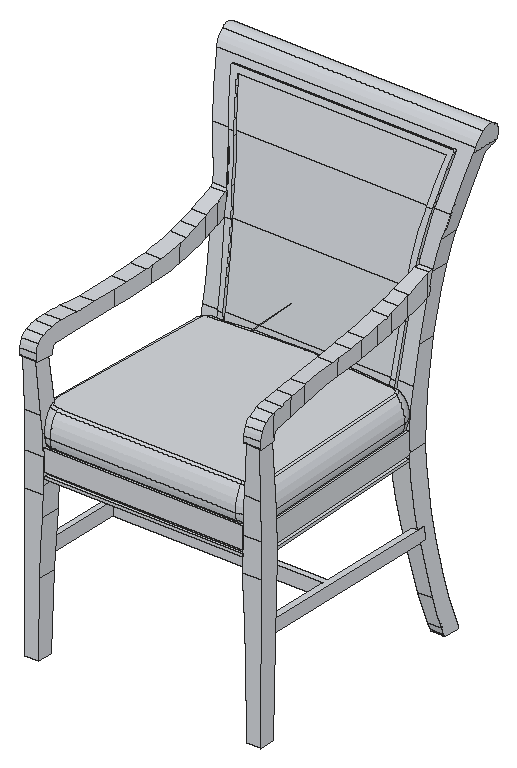
Revit family "LG1067-1", category Generic Models, Revit 2019
Family settings
  Can host rebar = No
  Round Connector Dimension = Use Diameter
  Part Type = Normal
  Work Plane-Based = No
  Always vertical = Yes
  Cut with Voids When Loaded = No
  Shared = No
  Room Calculation Point = No
Parameters
  Seating = none
  Legs = none
  Arms = none
Reference planes
  plane 1 "Center (Front/Back)": y = 0
  plane 2: z = 0
  plane 3 "Center (Left/Right)": x = 0
  plane 4: x = -300.234
  plane 5: x = 300.234
  plane 6: y = -293.644
  plane 7: y = 372.442
  plane 8: x = -317.632
  plane 9: x = 317.632
Forms (mm)
  Extrusion 1, solid, material <- "Arms"
    sketch origin (0.845, 0, 0) x (1, 0, 0) y (0, 0, 1)
      loop
        line (-298.794, 274.724) -> (-298.798, 239.607) -> (-282.098, 239.607) -> (-282.094, 274.724) -> (-298.794, 274.724)
    from -294.056 to 268.716
  Extrusion 2, solid, material <- "Arms"
    sketch origin (-0.845, 0, 0) x (-1, 0, 0) y (0, 0, -1)
      loop
        line (-298.794, -274.724) -> (-282.094, -274.724) -> (-282.098, -239.607) -> (-298.798, -239.607) -> (-298.794, -274.724)
    from -294.056 to 268.716
  Extrusion 3, solid, material <- "Arms"
    sketch origin (-270.474, 265.87, 0) x (0, 1, 0) y (0, 0, -1)
      loop
        line (-298.794, -274.724) -> (-282.094, -274.724) -> (-282.098, -239.607) -> (-298.798, -239.607) -> (-298.794, -274.724)
    from -562.537 to 21.59
  Extrusion 4, solid, material <- "Arms"
    sketch origin (0, 0, 0) x (0, 1, 0) y (0, 0, 1)
      loop
        arc (-248.038, 723.643) -> (-246.796, 724.174) -> (-246.323, 725.439) r 1.717
        arc (-246.323, 725.439) -> (-246.126, 731.206) -> (-245.01, 736.867) r 35.962
        arc (-245.01, 736.867) -> (-241.809, 742.34) -> (-236.349, 745.562) r 12.604
        arc (-236.349, 745.562) -> (-230.475, 746.922) -> (-224.493, 747.672) r 58.731
        arc (-224.493, 747.672) -> (-94.076, 757.096) -> (36.365, 766.18) r 50046.666
        arc (36.365, 766.18) -> (79.294, 769.767) -> (122.093, 774.654) r 1421.041
        arc (122.093, 774.654) -> (160.383, 780.451) -> (198.39, 787.883) r 904.07
        arc (198.39, 787.883) -> (239.992, 798.232) -> (280.917, 810.996) r 732.376
        line (280.917, 810.996) -> (315.687, 822.969)
        arc (315.687, 822.969) -> (319.754, 826.08) -> (321.934, 830.713) r 10.82
        line (321.934, 830.713) -> (331.955, 879.884)
        arc (331.955, 879.884) -> (331.331, 881.875) -> (329.313, 882.406) r 2.157
        arc (329.313, 882.406) -> (319.916, 879.626) -> (310.771, 876.109) r 123.387
        arc (310.771, 876.109) -> (277.854, 862.665) -> (244.449, 850.485) r 933.339
        arc (244.449, 850.485) -> (226.567, 844.485) -> (208.603, 838.732) r 1368.67
        arc (208.603, 838.732) -> (191.505, 833.644) -> (174.272, 829.028) r 647.42
        arc (174.272, 829.028) -> (132.924, 819.989) -> (91.072, 813.67) r 647.42
        arc (91.072, 813.67) -> (67.94, 811.013) -> (44.792, 808.485) r 4173.463
        arc (44.792, 808.485) -> (13.63, 805.597) -> (-17.599, 803.558) r 1151.303
        arc (-17.599, 803.558) -> (-67.41, 800.882) -> (-117.21, 798.002) r 12186.842
        arc (-117.21, 798.002) -> (-144.735, 796.642) -> (-172.283, 795.857) r 1320.293
        arc (-172.283, 795.857) -> (-194.713, 794.998) -> (-217.091, 793.236) r 556.442
        arc (-217.091, 793.236) -> (-231.043, 791.444) -> (-244.866, 788.844) r 242.148
        arc (-244.866, 788.844) -> (-258.889, 784.8) -> (-272.259, 778.949) r 110.903
        arc (-272.259, 778.949) -> (-280.697, 772.802) -> (-286.92, 764.418) r 34.63
        arc (-286.92, 764.418) -> (-291.158, 754.024) -> (-293.244, 742.995) r 56.177
        arc (-293.244, 742.995) -> (-293.596, 734.342) -> (-293.144, 725.694) r 93.428
        arc (-293.144, 725.694) -> (-292.408, 724.232) -> (-290.88, 723.643) r 2.275
        line (-290.88, 723.643) -> (-248.038, 723.643)
    from -229.204 to -338.637
  Extrusion 5, void
    sketch origin (0, 0, 0) x (1, 0, 0) y (0, 1, 0)
      loop
        line (-295.527, 339.45) -> (-356.629, 339.45) -> (-356.629, -300.717) -> (-324.385, -300.717) -> (-320.555, -245.938)
        arc (-320.555, -245.938) -> (-317.59, -212.917) -> (-313.324, -180.039) r 839.78
        arc (-313.324, -180.039) -> (-309.504, -154.011) -> (-305.845, -127.961) r 4284.59
        arc (-305.845, -127.961) -> (-299.27, -64.13) -> (-297.028, 0) r 947.895
        arc (-297.028, 0) -> (-296.459, 39.516) -> (-294.835, 79.002) r 1481.533
        arc (-294.835, 79.002) -> (-293.604, 106.964) -> (-292.958, 134.945) r 1340.184
        arc (-292.958, 134.945) -> (-292.633, 158.538) -> (-292.258, 182.13) r 10884.28
        arc (-292.258, 182.13) -> (-292.049, 209.691) -> (-292.357, 237.252) r 1466.135
        arc (-292.357, 237.252) -> (-292.979, 269.585) -> (-293.51, 301.92) r 11613.175
        arc (-293.51, 301.92) -> (-294.156, 320.705) -> (-295.527, 339.45) r 486.003
      loop
        arc (-258.327, 339.45) -> (-256.853, 329.938) -> (-255.807, 320.37) r 214.596
        arc (-255.807, 320.37) -> (-254.363, 301.143) -> (-253.36, 281.888) r 840.882
        arc (-253.36, 281.888) -> (-252.351, 259.75) -> (-251.123, 237.622) r 2234.888
        arc (-251.123, 237.622) -> (-249.149, 194.169) -> (-248.481, 150.675) r 1448.306
        arc (-248.481, 150.675) -> (-249.175, 105.356) -> (-251.286, 60.08) r 1448.306
        arc (-251.286, 60.08) -> (-255.19, 1.398) -> (-259.582, -57.249) r 7050.349
        arc (-259.582, -57.249) -> (-269.585, -181.046) -> (-280.006, -304.808) r 36724.807
        line (-280.006, -304.808) -> (-216.629, -304.808) -> (-216.629, 339.45) -> (-258.327, 339.45)
    from 706.912 to 936.325
  Extrusion 6, solid, material <- "Arms"
    sketch origin (0, 0, 0) x (0, 1, 0) y (0, 0, -1)
      loop
        line (-248.038, -723.643) -> (-290.88, -723.643)
        arc (-290.88, -723.643) -> (-292.408, -724.232) -> (-293.144, -725.694) r 2.275
        arc (-293.144, -725.694) -> (-293.596, -734.342) -> (-293.244, -742.995) r 93.428
        arc (-293.244, -742.995) -> (-291.158, -754.024) -> (-286.92, -764.418) r 56.177
        arc (-286.92, -764.418) -> (-280.697, -772.802) -> (-272.259, -778.949) r 34.63
        arc (-272.259, -778.949) -> (-258.889, -784.8) -> (-244.866, -788.844) r 110.903
        arc (-244.866, -788.844) -> (-231.043, -791.444) -> (-217.091, -793.236) r 242.148
        arc (-217.091, -793.236) -> (-194.713, -794.998) -> (-172.283, -795.857) r 556.442
        arc (-172.283, -795.857) -> (-144.735, -796.642) -> (-117.21, -798.002) r 1320.293
        arc (-117.21, -798.002) -> (-67.41, -800.882) -> (-17.599, -803.558) r 12186.842
        arc (-17.599, -803.558) -> (13.63, -805.597) -> (44.792, -808.485) r 1151.303
        arc (44.792, -808.485) -> (67.94, -811.013) -> (91.072, -813.67) r 4173.463
        arc (91.072, -813.67) -> (132.924, -819.989) -> (174.272, -829.028) r 647.42
        arc (174.272, -829.028) -> (191.505, -833.644) -> (208.603, -838.732) r 647.42
        arc (208.603, -838.732) -> (226.567, -844.485) -> (244.449, -850.485) r 1368.67
        arc (244.449, -850.485) -> (277.854, -862.665) -> (310.771, -876.109) r 933.339
        arc (310.771, -876.109) -> (319.916, -879.626) -> (329.313, -882.406) r 123.387
        arc (329.313, -882.406) -> (331.331, -881.875) -> (331.955, -879.884) r 2.157
        line (331.955, -879.884) -> (321.934, -830.713)
        arc (321.934, -830.713) -> (319.754, -826.08) -> (315.687, -822.969) r 10.82
        line (315.687, -822.969) -> (280.917, -810.996)
        arc (280.917, -810.996) -> (239.992, -798.232) -> (198.39, -787.883) r 732.376
        arc (198.39, -787.883) -> (160.383, -780.451) -> (122.093, -774.654) r 904.07
        arc (122.093, -774.654) -> (79.294, -769.767) -> (36.365, -766.18) r 1421.041
        arc (36.365, -766.18) -> (-94.076, -757.096) -> (-224.493, -747.672) r 50046.666
        arc (-224.493, -747.672) -> (-230.475, -746.922) -> (-236.349, -745.562) r 58.731
        arc (-236.349, -745.562) -> (-241.809, -742.34) -> (-245.01, -736.867) r 12.604
        arc (-245.01, -736.867) -> (-246.126, -731.206) -> (-246.323, -725.439) r 35.962
        arc (-246.323, -725.439) -> (-246.796, -724.174) -> (-248.038, -723.643) r 1.717
    from -229.204 to -338.637
  Extrusion 7, void
    sketch origin (0, 0, 0) x (-1, 0, 0) y (0, -1, 0)
      loop
        arc (-295.527, -339.45) -> (-294.156, -320.705) -> (-293.51, -301.92) r 486.003
        arc (-293.51, -301.92) -> (-292.979, -269.585) -> (-292.357, -237.252) r 11613.175
        arc (-292.357, -237.252) -> (-292.049, -209.691) -> (-292.258, -182.13) r 1466.135
        arc (-292.258, -182.13) -> (-292.633, -158.538) -> (-292.958, -134.945) r 10884.28
        arc (-292.958, -134.945) -> (-293.604, -106.964) -> (-294.835, -79.002) r 1340.184
        arc (-294.835, -79.002) -> (-296.459, -39.516) -> (-297.028, 0) r 1481.533
        arc (-297.028, 0) -> (-299.27, 64.13) -> (-305.845, 127.961) r 947.895
        arc (-305.845, 127.961) -> (-309.504, 154.011) -> (-313.324, 180.039) r 4284.59
        arc (-313.324, 180.039) -> (-317.59, 212.917) -> (-320.555, 245.938) r 839.78
        line (-320.555, 245.938) -> (-324.385, 300.717) -> (-356.629, 300.717) -> (-356.629, -339.45) -> (-295.527, -339.45)
      loop
        line (-258.327, -339.45) -> (-216.629, -339.45) -> (-216.629, 304.808) -> (-280.006, 304.808)
        arc (-280.006, 304.808) -> (-269.585, 181.046) -> (-259.582, 57.249) r 36724.807
        arc (-259.582, 57.249) -> (-255.19, -1.398) -> (-251.286, -60.08) r 7050.349
        arc (-251.286, -60.08) -> (-249.175, -105.356) -> (-248.481, -150.675) r 1448.306
        arc (-248.481, -150.675) -> (-249.149, -194.169) -> (-251.123, -237.622) r 1448.306
        arc (-251.123, -237.622) -> (-252.351, -259.75) -> (-253.36, -281.888) r 2234.888
        arc (-253.36, -281.888) -> (-254.363, -301.143) -> (-255.807, -320.37) r 840.882
        arc (-255.807, -320.37) -> (-256.853, -329.938) -> (-258.327, -339.45) r 214.596
    from 706.912 to 936.325
  Sweep 8, solid, material <- "Seating"
    path origin (0, 0, 0) x (1, 0, 0) y (0, 1, 0)
      loop
        arc (-251.742, 273.416) -> (-276.542, 260.377) -> (-287.433, 234.56) r 41.568
        arc (-287.433, 234.56) -> (-298.381, 6.349) -> (-305.898, -222.001) r 15206.559
        arc (-305.898, -222.001) -> (-289.887, -264.465) -> (-248.795, -283.726) r 60.276
        arc (-248.795, -283.726) -> (0, -290.24) -> (248.795, -283.726) r 4754.684
        arc (248.795, -283.726) -> (289.887, -264.465) -> (305.898, -222.001) r 60.276
        arc (305.898, -222.001) -> (298.381, 6.349) -> (287.433, 234.56) r 15206.559
        arc (287.433, 234.56) -> (276.542, 260.377) -> (251.742, 273.416) r 41.568
        arc (251.742, 273.416) -> (0, 291.104) -> (-251.742, 273.416) r 1800.357
    profile origin (-276.542, 260.377, 0) x (0.736458, -0.676483, 0) y (0, 0, 1)
      loop
        line (10.391, 516.392) -> (26.131, 516.392) -> (26.131, 606.392)
        arc (26.131, 606.392) -> (22.316, 605.56) -> (19.193, 603.215) r 9.164
        arc (19.193, 603.215) -> (3.354, 575.329) -> (-0.672, 543.512) r 82.604
        arc (-0.672, 543.512) -> (0.965, 531.929) -> (4.222, 520.694) r 82.604
        arc (4.222, 520.694) -> (6.631, 517.574) -> (10.391, 516.392) r 6.574
  Extrusion 9, solid, material <- "Seating"
    sketch origin (0, 0, 0) x (1, 0, 0) y (0, 1, 0)
      loop
        arc (248.088, 247.542) -> (0, 264.972) -> (-248.088, 247.542) r 1774.226
        arc (-248.088, 247.542) -> (-257.298, 242.7) -> (-261.342, 233.112) r 15.437
        arc (-261.342, 233.112) -> (-272.271, 5.293) -> (-279.775, -222.665) r 15180.428
        arc (-279.775, -222.665) -> (-270.705, -246.72) -> (-247.428, -257.63) r 34.145
        arc (-247.428, -257.63) -> (0, -264.108) -> (247.428, -257.63) r 4728.553
        arc (247.428, -257.63) -> (270.705, -246.72) -> (279.775, -222.665) r 34.145
        arc (279.775, -222.665) -> (272.271, 5.293) -> (261.342, 233.112) r 15180.428
        arc (261.342, 233.112) -> (257.298, 242.7) -> (248.088, 247.542) r 15.437
    from 516.392 to 606.392
  Extrusion 10, solid, material <- "Arms"
    sketch origin (0, 0, 0) x (0, 1, 0) y (0, 0, 1)
      loop
        arc (367.709, 0) -> (371.679, 1.961) -> (372.535, 6.306) r 5
        arc (372.535, 6.306) -> (346.894, 112.98) -> (327.333, 220.934) r 1937.399
        arc (327.333, 220.934) -> (317.604, 293.748) -> (310.519, 366.866) r 2027.669
        arc (310.519, 366.866) -> (307.282, 474.091) -> (314.399, 581.129) r 1111.114
        arc (314.399, 581.129) -> (335.01, 725.67) -> (363.379, 868.89) r 2708.889
        arc (363.379, 868.89) -> (380.422, 941.767) -> (398.515, 1014.391) r 5180.93
        arc (398.515, 1014.391) -> (412.319, 1063.187) -> (428.478, 1111.254) r 1043.452
        arc (428.478, 1111.254) -> (431.486, 1118.364) -> (435.211, 1125.125) r 74.759
        arc (435.211, 1125.125) -> (445.654, 1134.881) -> (459.592, 1138.041) r 27.363
        arc (459.592, 1138.041) -> (467.219, 1140.838) -> (470.634, 1148.208) r 10.613
        arc (470.634, 1148.208) -> (470.63, 1159.189) -> (469.712, 1170.132) r 131.875
        arc (469.712, 1170.132) -> (467.479, 1178.214) -> (463.039, 1185.326) r 29.165
        arc (463.039, 1185.326) -> (443.197, 1195.551) -> (421.936, 1188.75) r 29.165
        arc (421.936, 1188.75) -> (408.112, 1173.634) -> (398.556, 1155.515) r 80.406
        arc (398.556, 1155.515) -> (372.755, 1081.641) -> (350.165, 1006.723) r 1813.072
        arc (350.165, 1006.723) -> (327.036, 914.205) -> (308.804, 820.599) r 1813.072
        arc (308.804, 820.599) -> (290.578, 717.674) -> (270.465, 615.102) r 5686.663
        arc (270.465, 615.102) -> (257.884, 531.038) -> (254.486, 446.106) r 783.374
        arc (254.486, 446.106) -> (260.656, 342.368) -> (276.149, 239.607) r 1152.039
        arc (276.149, 239.607) -> (289.452, 170.26) -> (302.027, 100.776) r 6735.836
        arc (302.027, 100.776) -> (310.259, 61.94) -> (321.195, 23.776) r 565.788
        line (321.195, 23.776) -> (327.548, 4.225)
        arc (327.548, 4.225) -> (329.769, 1.168) -> (333.363, 0) r 6.115
        line (333.363, 0) -> (367.709, 0)
    from -368.323 to 380.993
  Extrusion 11, void
    sketch origin (0, 0, 0) x (1, 0, 0) y (0, 0, 1)
      loop
        line (-351.932, 1197.011) -> (-351.932, 1215) -> (-380.274, 1215) -> (-380.274, -20) -> (-320.274, -20) -> (-320.274, 0)
        arc (-320.274, 0) -> (-297.137, 231.244) -> (-284.779, 463.313) r 4995.715
        arc (-284.779, 463.313) -> (-283.175, 587.294) -> (-285.785, 711.258) r 3647.366
        arc (-285.785, 711.258) -> (-289.856, 793.662) -> (-295.79, 875.953) r 3647.366
        arc (-295.79, 875.953) -> (-300.211, 913.448) -> (-307.175, 950.556) r 554.147
        arc (-307.175, 950.556) -> (-327.65, 1047.403) -> (-345.94, 1144.686) r 4400.589
        arc (-345.94, 1144.686) -> (-349.729, 1170.758) -> (-351.932, 1197.011) r 434.901
      loop
        arc (351.932, 1197.011) -> (349.729, 1170.758) -> (345.94, 1144.686) r 434.901
        arc (345.94, 1144.686) -> (327.65, 1047.403) -> (307.175, 950.556) r 4400.589
        arc (307.175, 950.556) -> (300.211, 913.448) -> (295.79, 875.953) r 554.147
        arc (295.79, 875.953) -> (289.856, 793.662) -> (285.785, 711.258) r 3647.366
        arc (285.785, 711.258) -> (283.175, 587.294) -> (284.779, 463.313) r 3647.366
        arc (284.779, 463.313) -> (297.137, 231.244) -> (320.274, 0) r 4995.715
        line (320.274, 0) -> (320.274, -20) -> (396.001, -20) -> (396.001, 1215) -> (351.932, 1215) -> (351.932, 1197.011)
      loop
        line (-299.077, 1131.968) -> (-291.648, 1093.749)
        arc (-291.648, 1093.749) -> (-281.855, 1044.002) -> (-271.825, 994.303) r 10641.069
        arc (-271.825, 994.303) -> (-262.807, 943.089) -> (-256.589, 891.461) r 955.368
        arc (-256.589, 891.461) -> (-250.564, 819.588) -> (-245.835, 747.618) r 4004.004
        arc (-245.835, 747.618) -> (-239.362, 613.792) -> (-235.106, 479.877) r 8088.791
        arc (-235.106, 479.877) -> (-235.384, 431.96) -> (-238.467, 384.141) r 818.166
        arc (-238.467, 384.141) -> (-258.918, 191.791) -> (-284.077, 0) r 7891.248
        line (-284.077, 0) -> (-284.077, -20) -> (284.077, -20) -> (284.077, 0)
        arc (284.077, 0) -> (258.918, 191.791) -> (238.467, 384.141) r 7891.248
        arc (238.467, 384.141) -> (235.384, 431.96) -> (235.106, 479.877) r 818.166
        arc (235.106, 479.877) -> (239.362, 613.792) -> (245.835, 747.618) r 8088.791
        arc (245.835, 747.618) -> (250.564, 819.588) -> (256.589, 891.461) r 4004.004
        arc (256.589, 891.461) -> (262.807, 943.089) -> (271.825, 994.303) r 955.368
        arc (271.825, 994.303) -> (281.855, 1044.002) -> (291.648, 1093.749) r 10641.069
        line (291.648, 1093.749) -> (299.077, 1131.968)
        arc (299.077, 1131.968) -> (298.027, 1136.103) -> (294.169, 1137.922) r 5
        line (294.169, 1137.922) -> (-294.169, 1137.922)
        arc (-294.169, 1137.922) -> (-298.027, 1136.103) -> (-299.077, 1131.968) r 5
    from -520.887 to -193.995
  Sweep 12, solid, material <- "Legs"
    path origin (0, 10.345, 0) x (1, 0, 0) y (0, 1, 0)
      loop
        line (267.385, -293.644) -> (0, -293.644) -> (-267.994, -293.644)
    profile origin (-133.997, -283.299, 0) x (0, -1, 0) y (0, 0, 1)
      loop
        line (0, 443.035) -> (0, 448.888) -> (-9.375, 448.888) -> (-9.375, 458.888) -> (0, 458.888) -> (0, 516.005) -> (-16.354, 516.005) -> (-16.354, 443.035) -> (0, 443.035)
  Extrusion 13, solid, material <- "Legs"
    sketch origin (0, 0, 0) x (0, 1, 0) y (0, 0, 1)
      loop
        line (-285.02, 0) -> (-246.239, 0) -> (-238.086, 239.607) -> (-231.114, 444.489)
        arc (-231.114, 444.489) -> (-231.275, 496.774) -> (-235.31, 548.904) r 704.976
        arc (-235.31, 548.904) -> (-243.902, 636.157) -> (-249.664, 723.643) r 2706.79
        line (-249.664, 723.643) -> (-289.735, 723.643) -> (-285.203, 593.874)
        arc (-285.203, 593.874) -> (-283.873, 544.711) -> (-283.317, 495.533) r 3126.267
        arc (-283.317, 495.533) -> (-283.283, 449.597) -> (-283.498, 403.661) r 8494.965
        arc (-283.498, 403.661) -> (-284.622, 201.832) -> (-285.02, 0) r 56057.661
    from -317.632 to 317.632
  Extrusion 14, void
    sketch origin (0, 0, 0) x (1, 0, 0) y (0, 0, 1)
      loop
        line (-279.725, -19.048) -> (279.725, -19.048) -> (275.89, 200.668)
        arc (275.89, 200.668) -> (273.805, 273.745) -> (270.104, 346.758) r 3303.337
        arc (270.104, 346.758) -> (268.18, 386.745) -> (267.346, 426.77) r 1468.359
        arc (267.346, 426.77) -> (267.829, 488.875) -> (270.169, 550.939) r 2076.062
        arc (270.169, 550.939) -> (276.484, 643.565) -> (285.651, 735.952) r 3010.947
        line (285.651, 735.952) -> (-285.651, 735.952)
        arc (-285.651, 735.952) -> (-276.484, 643.565) -> (-270.169, 550.939) r 3010.947
        arc (-270.169, 550.939) -> (-267.829, 488.875) -> (-267.346, 426.77) r 2076.062
        arc (-267.346, 426.77) -> (-268.18, 386.745) -> (-270.104, 346.758) r 1468.359
        arc (-270.104, 346.758) -> (-273.805, 273.745) -> (-275.89, 200.668) r 3303.337
        line (-275.89, 200.668) -> (-279.725, -19.048)
    from 139.252 to 338.216
  Sweep 15, solid, material <- "Legs"
    path origin (-11.486, 36.831, 0) x (0, 1, 0) y (1, 0, 0)
      loop
        line (217.598, -273.293) -> (-267.994, -293.644)
    profile origin (-294.955, 11.633, 0) x (0.999123, -0.041872, 0) y (0, 0, 1)
      loop
        line (0, 443.035) -> (16.354, 443.035) -> (16.354, 516.005) -> (0, 516.005) -> (0, 458.888) -> (9.375, 458.888) -> (9.375, 448.888) -> (0, 448.888) -> (0, 443.035)
  Sweep 16, solid, material <- "Legs"
    path origin (11.486, 36.831, 0) x (0, 1, 0) y (-1, 0, 0)
      loop
        line (217.598, -273.293) -> (-267.994, -293.644)
    profile origin (294.955, 11.633, 0) x (0.999123, 0.041872, 0) y (0, 0, 1)
      loop
        line (0, 443.035) -> (0, 448.888) -> (-9.375, 448.888) -> (-9.375, 458.888) -> (0, 458.888) -> (0, 516.005) -> (-16.354, 516.005) -> (-16.354, 443.035) -> (0, 443.035)
  Sweep 17, solid, material <- "Legs"
    path origin (0, 2.155, 0) x (1, 0, 0) y (0, -1, 0)
      loop
        line (235, -293.644) -> (0, -293.644) -> (-235, -293.644)
    profile origin (-117.5, 295.799, 0) x (0, -1, 0) y (0, 0, 1)
      loop
        line (3.75, 443.035) -> (23.229, 443.035) -> (23.229, 455.763) -> (13.626, 516.392) -> (-6.374, 516.392) -> (3.229, 455.763) -> (8.75, 455.763) -> (8.75, 448.888) -> (3.75, 448.888) -> (3.75, 443.035)
  Extrusion 18, void
    sketch origin (-317.632, 0, 0) x (0, -1, 0) y (0, 0, 1)
      loop
        arc (235.31, 548.904) -> (231.275, 496.774) -> (231.114, 444.489) r 704.976
        line (231.114, 444.489) -> (283.295, 444.489)
        arc (283.295, 444.489) -> (283.268, 470.011) -> (283.317, 495.533) r 8494.965
        arc (283.317, 495.533) -> (283.873, 544.711) -> (285.203, 593.874) r 3126.267
        line (285.203, 593.874) -> (287.78, 667.675) -> (246.306, 667.675)
        arc (246.306, 667.675) -> (241.463, 608.229) -> (235.31, 548.904) r 2706.79
    from -44.498 to 33.17
  Extrusion 19, void
    sketch origin (0, -289.915, 728.791) x (0, 0.034899, -0.999391) y (1, 0, 0)
      loop
        arc (135.652, -272.696) -> (70.339, -277.77) -> (5.151, -284.263) r 3014.575
        line (5.151, -284.263) -> (5.151, -304.263) -> (235.961, -297.877) -> (233.346, -267.991)
        spline (233.346, -267.991) -> (228.727, -268.116) -> (224.107, -268.252) -> (219.488, -268.397) -> (214.869, -268.553) -> (210.25, -268.719) -> (205.631, -268.896) -> (201.012, -269.083) -> (196.394, -269.28) -> (191.776, -269.487) -> (187.159, -269.705) -> (182.541, -269.932) -> (177.925, -270.171)
        spline (177.925, -270.171) -> (174.401, -270.358) -> (170.877, -270.55) -> (167.354, -270.746) -> (163.831, -270.946) -> (160.307, -271.151) -> (156.785, -271.359) -> (153.262, -271.572) -> (149.74, -271.788) -> (146.217, -272.009) -> (142.695, -272.234) -> (139.174, -272.463) -> (135.652, -272.696)
      loop
        spline (135.652, 272.696) -> (139.174, 272.463) -> (142.695, 272.234) -> (146.217, 272.009) -> (149.74, 271.788) -> (153.262, 271.572) -> (156.785, 271.359) -> (160.307, 271.151) -> (163.831, 270.946) -> (167.354, 270.746) -> (170.877, 270.55) -> (174.401, 270.358) -> (177.925, 270.171)
        spline (177.925, 270.171) -> (182.541, 269.932) -> (187.159, 269.705) -> (191.776, 269.487) -> (196.394, 269.28) -> (201.012, 269.083) -> (205.631, 268.896) -> (210.25, 268.719) -> (214.869, 268.553) -> (219.488, 268.397) -> (224.107, 268.252) -> (228.727, 268.116) -> (233.346, 267.991)
        line (233.346, 267.991) -> (235.961, 297.877) -> (5.151, 304.263) -> (5.151, 284.263)
        arc (5.151, 284.263) -> (70.339, 277.77) -> (135.652, 272.696) r 3014.575
    from -43.157 to 50.764
  Extrusion 20, void
    sketch origin (317.632, 0, 0) x (0, -1, 0) y (0, 0, -1)
      loop
        arc (235.31, -548.904) -> (241.463, -608.229) -> (246.306, -667.675) r 2706.79
        line (246.306, -667.675) -> (287.78, -667.675) -> (285.203, -593.874)
        arc (285.203, -593.874) -> (283.873, -544.711) -> (283.317, -495.533) r 3126.267
        arc (283.317, -495.533) -> (283.268, -470.011) -> (283.295, -444.489) r 8494.965
        line (283.295, -444.489) -> (231.114, -444.489)
        arc (231.114, -444.489) -> (231.275, -496.774) -> (235.31, -548.904) r 704.976
    from -44.498 to 33.17
  Extrusion 21, void
    sketch origin (0, 0, 0) x (0, 1, 0) y (0, 0, 1)
      loop
        arc (367.709, 0) -> (371.679, 1.961) -> (372.535, 6.306) r 5
        arc (372.535, 6.306) -> (346.894, 112.98) -> (327.333, 220.934) r 1937.399
        arc (327.333, 220.934) -> (317.604, 293.748) -> (310.519, 366.866) r 2027.669
        arc (310.519, 366.866) -> (307.282, 474.091) -> (314.399, 581.129) r 1111.114
        arc (314.399, 581.129) -> (335.01, 725.67) -> (363.379, 868.89) r 2708.889
        arc (363.379, 868.89) -> (380.422, 941.767) -> (398.515, 1014.391) r 5180.93
        arc (398.515, 1014.391) -> (412.319, 1063.187) -> (428.478, 1111.254) r 1043.452
        arc (428.478, 1111.254) -> (431.486, 1118.364) -> (435.211, 1125.125) r 74.759
        arc (435.211, 1125.125) -> (445.654, 1134.881) -> (459.592, 1138.041) r 27.363
        arc (459.592, 1138.041) -> (467.219, 1140.838) -> (470.634, 1148.208) r 10.613
        arc (470.634, 1148.208) -> (470.63, 1159.189) -> (469.712, 1170.132) r 131.875
        arc (469.712, 1170.132) -> (467.479, 1178.214) -> (463.039, 1185.326) r 29.165
        arc (463.039, 1185.326) -> (443.197, 1195.551) -> (421.936, 1188.75) r 29.165
        arc (421.936, 1188.75) -> (408.112, 1173.634) -> (398.556, 1155.515) r 80.406
        arc (398.556, 1155.515) -> (372.755, 1081.641) -> (350.165, 1006.723) r 1813.072
        arc (350.165, 1006.723) -> (327.036, 914.205) -> (308.804, 820.599) r 1813.072
        arc (308.804, 820.599) -> (290.578, 717.674) -> (270.465, 615.102) r 5686.663
        arc (270.465, 615.102) -> (257.884, 531.038) -> (254.486, 446.106) r 783.374
        arc (254.486, 446.106) -> (260.656, 342.368) -> (276.149, 239.607) r 1152.039
        arc (276.149, 239.607) -> (289.452, 170.26) -> (302.027, 100.776) r 6735.836
        arc (302.027, 100.776) -> (310.259, 61.94) -> (321.195, 23.776) r 565.788
        line (321.195, 23.776) -> (327.548, 4.225)
        arc (327.548, 4.225) -> (329.769, 1.168) -> (333.363, 0) r 6.115
        line (333.363, 0) -> (367.709, 0)
    from -368.323 to 380.993
  Extrusion 22, void
    sketch origin (0, 0, 0) x (0, 1, 0) y (0, 0, 1)
      loop
        arc (270.465, 615.102) -> (257.884, 531.038) -> (254.486, 446.106) r 783.374
        line (254.486, 446.106) -> (309.486, 446.106) -> (309.486, 615.102) -> (270.465, 615.102)
    from -299.101 to -238.671
  Extrusion 23, void
    sketch origin (0, 0, 0) x (0, 1, 0) y (0, 0, -1)
      loop
        line (270.465, -615.102) -> (309.486, -615.102) -> (309.486, -446.106) -> (254.486, -446.106)
        arc (254.486, -446.106) -> (257.884, -531.038) -> (270.465, -615.102) r 783.374
    from -299.101 to -238.671
  Extrusion 24, void
    sketch origin (0, 0, 0) x (1, 0, 0) y (0, 0, 1)
      loop
        line (-240.724, 646.179) -> (-280.913, 646.179) -> (-275.106, 479.877) -> (-235.106, 479.877)
        arc (-235.106, 479.877) -> (-237.488, 563.042) -> (-240.724, 646.179) r 8088.791
      loop
        arc (240.724, 646.179) -> (237.488, 563.042) -> (235.106, 479.877) r 8088.791
        line (235.106, 479.877) -> (275.106, 479.877) -> (280.913, 646.179) -> (240.724, 646.179)
    from -331.472 to -265.892
  Extrusion 25, solid, material <- "Seating"
    sketch origin (0, 0, 0) x (0, 1, 0) y (0, 0, 1)
      loop
        line (251.638, 516.392) -> (303.854, 516.392)
        arc (303.854, 516.392) -> (306.153, 548.801) -> (309.399, 581.129) r 1111.114
        arc (309.399, 581.129) -> (330.01, 725.67) -> (358.379, 868.89) r 2708.889
        arc (358.379, 868.89) -> (375.422, 941.767) -> (393.515, 1014.391) r 5180.93
        arc (393.515, 1014.391) -> (415.01, 1087.032) -> (441.719, 1157.922) r 1043.452
        line (441.719, 1157.922) -> (394.458, 1157.922)
        arc (394.458, 1157.922) -> (368.153, 1082.864) -> (345.165, 1006.723) r 1813.072
        arc (345.165, 1006.723) -> (322.036, 914.205) -> (303.804, 820.599) r 1813.072
        arc (303.804, 820.599) -> (285.578, 717.674) -> (265.465, 615.102) r 5686.663
        arc (265.465, 615.102) -> (256.98, 565.967) -> (251.638, 516.392) r 783.374
    from -368.323 to 380.993
  Extrusion 26, void
    sketch origin (0, 0, 0) x (1, 0, 0) y (0, 0, 1)
      loop
        arc (-291.648, 1093.749) -> (-281.855, 1044.002) -> (-271.825, 994.303) r 10641.069
        arc (-271.825, 994.303) -> (-262.807, 943.089) -> (-256.589, 891.461) r 955.368
        arc (-256.589, 891.461) -> (-250.564, 819.588) -> (-245.835, 747.618) r 4004.004
        arc (-245.835, 747.618) -> (-239.362, 613.792) -> (-235.106, 479.877) r 8088.791
        line (-235.106, 479.877) -> (-220.102, 479.877)
        arc (-220.102, 479.877) -> (-224.367, 614.216) -> (-230.859, 748.466) r 8103.791
        arc (-230.859, 748.466) -> (-235.606, 820.706) -> (-241.654, 892.849) r 4019.004
        arc (-241.654, 892.849) -> (-247.969, 945.288) -> (-257.129, 997.305) r 970.368
        arc (-257.129, 997.305) -> (-267.144, 1046.935) -> (-276.923, 1096.611) r 10626.069
        line (-276.923, 1096.611) -> (-282.038, 1122.922) -> (282.038, 1122.922) -> (276.923, 1096.611)
        arc (276.923, 1096.611) -> (267.144, 1046.935) -> (257.129, 997.305) r 10626.069
        arc (257.129, 997.305) -> (247.969, 945.288) -> (241.654, 892.849) r 970.368
        arc (241.654, 892.849) -> (235.606, 820.706) -> (230.859, 748.466) r 4019.004
        arc (230.859, 748.466) -> (224.367, 614.216) -> (220.102, 479.877) r 8103.791
        line (220.102, 479.877) -> (235.106, 479.877)
        arc (235.106, 479.877) -> (239.362, 613.792) -> (245.835, 747.618) r 8088.791
        arc (245.835, 747.618) -> (250.564, 819.588) -> (256.589, 891.461) r 4004.004
        arc (256.589, 891.461) -> (262.807, 943.089) -> (271.825, 994.303) r 955.368
        arc (271.825, 994.303) -> (281.855, 1044.002) -> (291.648, 1093.749) r 10641.069
        line (291.648, 1093.749) -> (299.077, 1131.968)
        arc (299.077, 1131.968) -> (298.027, 1136.103) -> (294.169, 1137.922) r 5
        line (294.169, 1137.922) -> (-294.169, 1137.922)
        arc (-294.169, 1137.922) -> (-298.027, 1136.103) -> (-299.077, 1131.968) r 5
        line (-299.077, 1131.968) -> (-291.648, 1093.749)
      loop
        line (-499.277, 1296.268) -> (-499.277, 376.268) -> (520.723, 376.268) -> (520.723, 1296.268) -> (-499.277, 1296.268)
    from -600.221 to -197.229
  Extrusion 27, solid, material <- "Seating"
    sketch origin (0, 0, 0) x (0, 1, 0) y (0, 0, 1)
      loop
        line (257.859, 516.005) -> (303.832, 516.005)
        arc (303.832, 516.005) -> (306.137, 548.608) -> (309.399, 581.129) r 1111.114
        arc (309.399, 581.129) -> (330.01, 725.67) -> (358.379, 868.89) r 2708.889
        arc (358.379, 868.89) -> (375.422, 941.767) -> (393.515, 1014.391) r 5180.93
        arc (393.515, 1014.391) -> (413.301, 1081.9) -> (437.592, 1147.922) r 1043.452
        line (437.592, 1147.922) -> (396.988, 1147.922)
        arc (396.988, 1147.922) -> (372.757, 1077.789) -> (351.415, 1006.723) r 1813.072
        arc (351.415, 1006.723) -> (328.286, 914.205) -> (310.054, 820.599) r 1813.072
        arc (310.054, 820.599) -> (291.828, 717.674) -> (271.715, 615.102) r 5686.663
        arc (271.715, 615.102) -> (263.203, 565.775) -> (257.859, 516.005) r 783.374
    from -368.323 to 380.993
  Extrusion 28, void
    sketch origin (0, 0, 0) x (1, 0, 0) y (0, 0, 1)
      loop
        line (282.038, 1122.922) -> (-282.038, 1122.922) -> (-276.923, 1096.611)
        arc (-276.923, 1096.611) -> (-267.144, 1046.935) -> (-257.129, 997.305) r 10626.069
        arc (-257.129, 997.305) -> (-247.969, 945.288) -> (-241.654, 892.849) r 970.368
        arc (-241.654, 892.849) -> (-235.606, 820.706) -> (-230.859, 748.466) r 4019.004
        arc (-230.859, 748.466) -> (-225.118, 632.464) -> (-221.04, 516.392) r 8103.791
        line (-221.04, 516.392) -> (221.04, 516.392)
        arc (221.04, 516.392) -> (225.118, 632.464) -> (230.859, 748.466) r 8103.791
        arc (230.859, 748.466) -> (235.606, 820.706) -> (241.654, 892.849) r 4019.004
        arc (241.654, 892.849) -> (247.969, 945.288) -> (257.129, 997.305) r 970.368
        arc (257.129, 997.305) -> (267.144, 1046.935) -> (276.923, 1096.611) r 10626.069
        line (276.923, 1096.611) -> (282.038, 1122.922)
      loop
        line (-469.331, 468.052) -> (489.413, 468.052) -> (489.413, 1243.052) -> (-469.331, 1243.052) -> (-469.331, 468.052)
    from -546.241 to -147.378
  Extrusion 29, solid, material <- "Legs"
    sketch origin (0, 0, 0) x (0, 1, 0) y (0, 0, 1)
      loop
        line (438.585, 1137.922) -> (433.585, 1137.922)
        arc (433.585, 1137.922) -> (411.626, 1076.781) -> (393.515, 1014.391) r 1043.452
        arc (393.515, 1014.391) -> (375.422, 941.767) -> (358.379, 868.89) r 5180.93
        arc (358.379, 868.89) -> (330.01, 725.67) -> (309.399, 581.129) r 2708.889
        arc (309.399, 581.129) -> (306.153, 548.801) -> (303.854, 516.392) r 1111.114
        line (303.854, 516.392) -> (308.854, 516.392)
        arc (308.854, 516.392) -> (311.153, 548.801) -> (314.399, 581.129) r 1111.114
        arc (314.399, 581.129) -> (335.01, 725.67) -> (363.379, 868.89) r 2708.889
        arc (363.379, 868.89) -> (380.422, 941.767) -> (398.515, 1014.391) r 5180.93
        arc (398.515, 1014.391) -> (416.626, 1076.781) -> (438.585, 1137.922) r 1043.452
    from -368.323 to 380.993
  Extrusion 30, void
    sketch origin (0, 0, 0) x (1, 0, 0) y (0, 0, 1)
      loop
        line (-6.25, 747.991) -> (6.25, 747.991)
        arc (6.25, 747.991) -> (50.008, 791.749) -> (6.25, 835.506) r 43.758
        line (6.25, 835.506) -> (-6.25, 835.506)
        arc (-6.25, 835.506) -> (-50.008, 791.749) -> (-6.25, 747.991) r 43.758
      loop
        arc (-57.095, 734.246) -> (-148.501, 643.742) -> (-237.072, 550.462) r 4170.019
        arc (-237.072, 550.462) -> (-236.53, 533.039) -> (-236.025, 515.615) r 8088.791
        arc (-236.025, 515.615) -> (-132.371, 617.773) -> (-26.601, 717.738) r 6953.66
        arc (-26.601, 717.738) -> (-16.518, 715.681) -> (-6.25, 714.991) r 76.758
        line (-6.25, 714.991) -> (6.25, 714.991)
        arc (6.25, 714.991) -> (16.518, 715.681) -> (26.601, 717.738) r 76.758
        arc (26.601, 717.738) -> (132.371, 617.773) -> (236.025, 515.615) r 6953.66
        arc (236.025, 515.615) -> (236.53, 533.039) -> (237.072, 550.462) r 8088.791
        arc (237.072, 550.462) -> (148.501, 643.742) -> (57.095, 734.246) r 4170.019
        arc (57.095, 734.246) -> (83.004, 792.466) -> (56.01, 850.192) r 76.758
        arc (56.01, 850.192) -> (178.704, 994.181) -> (288.734, 1148.064) r 2226.652
        line (288.734, 1148.064) -> (262.234, 1159.47)
        arc (262.234, 1159.47) -> (149.325, 1008.141) -> (24.778, 866.236) r 2380.455
        arc (24.778, 866.236) -> (15.583, 867.937) -> (6.25, 868.506) r 76.758
        line (6.25, 868.506) -> (-6.25, 868.506)
        arc (-6.25, 868.506) -> (-15.583, 867.937) -> (-24.778, 866.236) r 76.758
        arc (-24.778, 866.236) -> (-149.325, 1008.141) -> (-262.234, 1159.47) r 2380.455
        line (-262.234, 1159.47) -> (-288.734, 1148.064)
        arc (-288.734, 1148.064) -> (-178.704, 994.181) -> (-56.01, 850.192) r 2226.652
        arc (-56.01, 850.192) -> (-83.004, 792.466) -> (-57.095, 734.246) r 76.758
      loop
        line (-376.31, 512.814) -> (393.69, 512.814) -> (393.69, 1192.814) -> (-376.31, 1192.814) -> (-376.31, 512.814)
    from -499.039 to -207.488
Cuts and joins
  Extrusion 5, Extrusion 23 cuts Extrusion 1
  Extrusion 5, Extrusion 23 cuts Extrusion 2
  Extrusion 5, Extrusion 11, Extrusion 23 cuts Extrusion 3
  Extrusion 5, Extrusion 21, Extrusion 23 cuts Extrusion 4
  Extrusion 7, Extrusion 21, Extrusion 23 cuts Extrusion 6
  Extrusion 11, Extrusion 14 cuts Extrusion 10
  joined: Extrusion 1, Extrusion 2, Extrusion 3, Extrusion 4, Extrusion 6, Extrusion 10
  Extrusion 14 cuts Extrusion 13
  Extrusion 18, Extrusion 19, Extrusion 20, Extrusion 22, Extrusion 23, Extrusion 24 cuts Sweep 8
  Extrusion 19, Extrusion 20, Extrusion 23 cuts Extrusion 9
  joined: Sweep 8, Extrusion 9
  Extrusion 20, Extrusion 23 cuts Sweep 15
  Extrusion 26 cuts Extrusion 25
  Extrusion 28 cuts Extrusion 27
  joined: Extrusion 25, Extrusion 27
  Extrusion 30 cuts Extrusion 29
Dimensions and locks
  aligned and locked: level to plane 2
  aligned and locked: Extrusion 9 sketch curve to Sweep 8  (x8)
  aligned and locked: Extrusion 18 sketch curve to cut or joined group of Extrusion 13, Extrusion 14  (x5)
  aligned and locked: Extrusion 19 sketch curve to cut or joined group of Extrusion 13, Extrusion 14
  aligned and locked: Extrusion 22 sketch curve to cut or joined group 1 (Extrusion 1, Extrusion 2, Extrusion 3, Extrusion 4, Extrusion 5, Extrusion 6, Extrusion 7, Extrusion 10, Extrusion 11, Extrusion 14, Extrusion 21, Extrusion 23)
  aligned and locked: Extrusion 24 sketch curve to cut or joined group 1
  aligned and locked: Extrusion 26 sketch curve to cut or joined group 1  (x6)
  aligned and locked: Extrusion 29 sketch curve to cut or joined group of Extrusion 25, Extrusion 26, Extrusion 27, Extrusion 28  (x4)
  aligned and locked: Extrusion 30 sketch curve to cut or joined group of Extrusion 25, Extrusion 26, Extrusion 27, Extrusion 28
